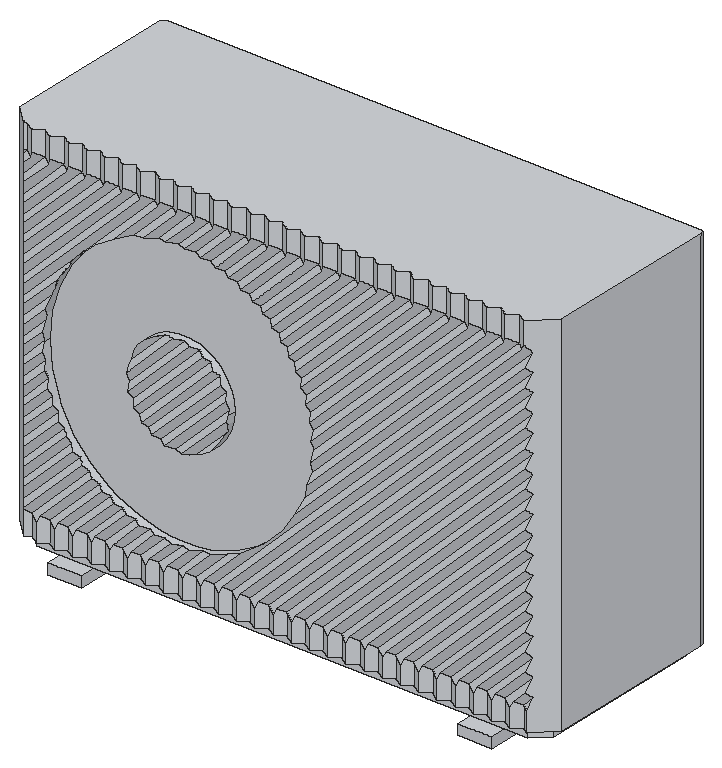
Revit family "HPR10HT", category Mechanical Equipment, Revit 2021 (continued)
Automatic sketch dimensions
  plane 1 "Center (Front/Back)" to Extrusion 49 sketch curve = 0.694 mm
  Extrusion 49 sketch curve to plane 1 "Center (Front/Back)" = 8.145 mm
  plane 8 "TOP" to Extrusion 49 sketch curve = 140.837 mm  (x2)
  Extrusion 49 sketch curve to Extrusion 49 sketch curve = 0.0 mm  (x4)
  Extrusion 49 sketch curve to Extrusion 49 sketch curve = 3.536 mm  (x5)
  plane 5 "front" to Extrusion 50 sketch curve = 82.254 mm
  Extrusion 50 sketch curve to Extrusion 50 sketch curve = 8.839 mm  (x34)
  Extrusion 50 sketch curve to Extrusion 50 sketch curve = 21.213 mm  (x6)
  Extrusion 50 sketch curve to Extrusion 50 sketch curve = 23.609 mm  (x5)
  plane 1 "Center (Front/Back)" to Extrusion 50 sketch curve = 9.533 mm
  plane 1 "Center (Front/Back)" to Extrusion 50 sketch curve = 0.694 mm
  Extrusion 50 sketch curve to plane 1 "Center (Front/Back)" = 8.145 mm
  plane 8 "TOP" to Extrusion 50 sketch curve = 200.837 mm
  Extrusion 50 sketch curve to Extrusion 50 sketch curve = 0.0 mm  (x5)
  Extrusion 50 sketch curve to Extrusion 50 sketch curve = 3.536 mm  (x5)
  plane 5 "front" to Extrusion 51 sketch curve = 82.254 mm
  Extrusion 51 sketch curve to Extrusion 51 sketch curve = 8.839 mm  (x34)
  Extrusion 51 sketch curve to Extrusion 51 sketch curve = 21.213 mm  (x6)
  Extrusion 51 sketch curve to Extrusion 51 sketch curve = 23.609 mm  (x5)
  plane 1 "Center (Front/Back)" to Extrusion 51 sketch curve = 9.533 mm
  plane 1 "Center (Front/Back)" to Extrusion 51 sketch curve = 0.694 mm
  Extrusion 51 sketch curve to plane 1 "Center (Front/Back)" = 8.145 mm
  plane 8 "TOP" to Extrusion 51 sketch curve = 260.837 mm
  Extrusion 51 sketch curve to Extrusion 51 sketch curve = 0.0 mm  (x5)
  Extrusion 51 sketch curve to Extrusion 51 sketch curve = 3.536 mm  (x5)
  plane 5 "front" to Extrusion 52 sketch curve = 82.254 mm
  Extrusion 52 sketch curve to Extrusion 52 sketch curve = 8.839 mm  (x34)
  Extrusion 52 sketch curve to Extrusion 52 sketch curve = 21.213 mm  (x6)
  Extrusion 52 sketch curve to Extrusion 52 sketch curve = 23.609 mm  (x5)
  plane 1 "Center (Front/Back)" to Extrusion 52 sketch curve = 9.533 mm
  plane 1 "Center (Front/Back)" to Extrusion 52 sketch curve = 0.694 mm
  Extrusion 52 sketch curve to plane 1 "Center (Front/Back)" = 8.145 mm
  plane 8 "TOP" to Extrusion 52 sketch curve = 320.837 mm
  Extrusion 52 sketch curve to Extrusion 52 sketch curve = 0.0 mm  (x5)
  Extrusion 52 sketch curve to Extrusion 52 sketch curve = 3.536 mm  (x5)
  plane 5 "front" to Extrusion 53 sketch curve = 82.254 mm
  Extrusion 53 sketch curve to Extrusion 53 sketch curve = 8.839 mm  (x34)
  Extrusion 53 sketch curve to Extrusion 53 sketch curve = 21.213 mm  (x6)
  Extrusion 53 sketch curve to Extrusion 53 sketch curve = 23.609 mm  (x5)
  plane 1 "Center (Front/Back)" to Extrusion 53 sketch curve = 9.533 mm
  plane 1 "Center (Front/Back)" to Extrusion 53 sketch curve = 0.694 mm
  Extrusion 53 sketch curve to plane 1 "Center (Front/Back)" = 8.145 mm
  plane 8 "TOP" to Extrusion 53 sketch curve = 380.837 mm
  Extrusion 53 sketch curve to Extrusion 53 sketch curve = 0.0 mm  (x5)
  Extrusion 53 sketch curve to Extrusion 53 sketch curve = 3.536 mm  (x5)
  plane 5 "front" to Extrusion 54 sketch curve = 82.254 mm
  Extrusion 54 sketch curve to Extrusion 54 sketch curve = 8.839 mm  (x34)
  Extrusion 54 sketch curve to Extrusion 54 sketch curve = 21.213 mm  (x6)
  Extrusion 54 sketch curve to Extrusion 54 sketch curve = 23.609 mm  (x5)
  plane 1 "Center (Front/Back)" to Extrusion 54 sketch curve = 9.533 mm
  plane 1 "Center (Front/Back)" to Extrusion 54 sketch curve = 0.694 mm
  Extrusion 54 sketch curve to plane 1 "Center (Front/Back)" = 8.145 mm
  plane 8 "TOP" to Extrusion 54 sketch curve = 440.837 mm
  Extrusion 54 sketch curve to Extrusion 54 sketch curve = 0.0 mm  (x5)
  Extrusion 54 sketch curve to Extrusion 54 sketch curve = 3.536 mm  (x5)
  plane 5 "front" to Extrusion 55 sketch curve = 82.254 mm
  Extrusion 55 sketch curve to Extrusion 55 sketch curve = 8.839 mm  (x34)
  Extrusion 55 sketch curve to Extrusion 55 sketch curve = 21.213 mm  (x6)
  Extrusion 55 sketch curve to Extrusion 55 sketch curve = 23.609 mm  (x5)
  plane 1 "Center (Front/Back)" to Extrusion 55 sketch curve = 9.533 mm
  plane 1 "Center (Front/Back)" to Extrusion 55 sketch curve = 0.694 mm
  Extrusion 55 sketch curve to plane 1 "Center (Front/Back)" = 8.145 mm
  level to Extrusion 55 sketch curve = 427.163 mm
  Extrusion 55 sketch curve to Extrusion 55 sketch curve = 0.0 mm  (x5)
  Extrusion 55 sketch curve to Extrusion 55 sketch curve = 3.536 mm  (x5)
  plane 5 "front" to Extrusion 56 sketch curve = 82.254 mm
  Extrusion 56 sketch curve to Extrusion 56 sketch curve = 8.839 mm  (x34)
  Extrusion 56 sketch curve to Extrusion 56 sketch curve = 21.213 mm  (x6)
  Extrusion 56 sketch curve to Extrusion 56 sketch curve = 23.609 mm  (x5)
  plane 1 "Center (Front/Back)" to Extrusion 56 sketch curve = 9.533 mm
  plane 1 "Center (Front/Back)" to Extrusion 56 sketch curve = 0.694 mm
  Extrusion 56 sketch curve to plane 1 "Center (Front/Back)" = 8.145 mm
  level to Extrusion 56 sketch curve = 367.163 mm
  Extrusion 56 sketch curve to Extrusion 56 sketch curve = 0.0 mm  (x5)
  Extrusion 56 sketch curve to Extrusion 56 sketch curve = 3.536 mm  (x5)
  plane 5 "front" to Extrusion 57 sketch curve = 82.254 mm
  Extrusion 57 sketch curve to Extrusion 57 sketch curve = 8.839 mm  (x34)
  Extrusion 57 sketch curve to Extrusion 57 sketch curve = 21.213 mm  (x6)
  Extrusion 57 sketch curve to Extrusion 57 sketch curve = 23.609 mm  (x5)
  plane 1 "Center (Front/Back)" to Extrusion 57 sketch curve = 9.533 mm
  plane 1 "Center (Front/Back)" to Extrusion 57 sketch curve = 0.694 mm
  Extrusion 57 sketch curve to plane 1 "Center (Front/Back)" = 8.145 mm
  level to Extrusion 57 sketch curve = 307.163 mm
  Extrusion 57 sketch curve to Extrusion 57 sketch curve = 0.0 mm  (x5)
  Extrusion 57 sketch curve to Extrusion 57 sketch curve = 3.536 mm  (x5)
  plane 5 "front" to Extrusion 58 sketch curve = 82.254 mm
  Extrusion 58 sketch curve to Extrusion 58 sketch curve = 8.839 mm  (x34)
  Extrusion 58 sketch curve to Extrusion 58 sketch curve = 21.213 mm  (x6)
  Extrusion 58 sketch curve to Extrusion 58 sketch curve = 23.609 mm  (x5)
  plane 1 "Center (Front/Back)" to Extrusion 58 sketch curve = 9.533 mm
  plane 1 "Center (Front/Back)" to Extrusion 58 sketch curve = 0.694 mm
  Extrusion 58 sketch curve to plane 1 "Center (Front/Back)" = 8.145 mm
  level to Extrusion 58 sketch curve = 247.163 mm
  Extrusion 58 sketch curve to Extrusion 58 sketch curve = 0.0 mm  (x5)
  Extrusion 58 sketch curve to Extrusion 58 sketch curve = 3.536 mm  (x5)
  plane 5 "front" to Extrusion 59 sketch curve = 82.254 mm
  Extrusion 59 sketch curve to Extrusion 59 sketch curve = 8.839 mm  (x34)
  Extrusion 59 sketch curve to Extrusion 59 sketch curve = 21.213 mm  (x6)
  Extrusion 59 sketch curve to Extrusion 59 sketch curve = 23.609 mm  (x5)
  plane 1 "Center (Front/Back)" to Extrusion 59 sketch curve = 9.533 mm
  plane 1 "Center (Front/Back)" to Extrusion 59 sketch curve = 0.694 mm
  Extrusion 59 sketch curve to plane 1 "Center (Front/Back)" = 8.145 mm
  level to Extrusion 59 sketch curve = 187.163 mm  (x2)
  Extrusion 59 sketch curve to Extrusion 59 sketch curve = 0.0 mm  (x4)
  Extrusion 59 sketch curve to Extrusion 59 sketch curve = 3.536 mm  (x5)
  plane 5 "front" to Extrusion 60 sketch curve = 82.254 mm
  Extrusion 60 sketch curve to Extrusion 60 sketch curve = 8.839 mm  (x34)
  Extrusion 60 sketch curve to Extrusion 60 sketch curve = 21.213 mm  (x6)
  Extrusion 60 sketch curve to Extrusion 60 sketch curve = 23.609 mm  (x5)
  plane 1 "Center (Front/Back)" to Extrusion 60 sketch curve = 9.533 mm
  plane 1 "Center (Front/Back)" to Extrusion 60 sketch curve = 0.694 mm
  Extrusion 60 sketch curve to plane 1 "Center (Front/Back)" = 8.145 mm
  level to Extrusion 60 sketch curve = 127.163 mm  (x2)
  Extrusion 60 sketch curve to Extrusion 60 sketch curve = 0.0 mm  (x4)
  Extrusion 60 sketch curve to Extrusion 60 sketch curve = 3.536 mm  (x5)
  plane 5 "front" to Extrusion 61 sketch curve = 82.254 mm
  Extrusion 61 sketch curve to Extrusion 61 sketch curve = 8.839 mm  (x34)
  Extrusion 61 sketch curve to Extrusion 61 sketch curve = 21.213 mm  (x6)
  Extrusion 61 sketch curve to Extrusion 61 sketch curve = 23.609 mm  (x5)
  plane 1 "Center (Front/Back)" to Extrusion 61 sketch curve = 9.533 mm
  plane 1 "Center (Front/Back)" to Extrusion 61 sketch curve = 0.694 mm
  Extrusion 61 sketch curve to plane 1 "Center (Front/Back)" = 8.145 mm
  level to Extrusion 61 sketch curve = 67.163 mm  (x3)
  Extrusion 61 sketch curve to Extrusion 61 sketch curve = 0.0 mm  (x3)
  Extrusion 61 sketch curve to Extrusion 61 sketch curve = 3.536 mm  (x5)
  Extrusion 62 sketch curve to plane 4 "BACK" = 0.0 mm
  Extrusion 62 sketch curve to plane 6 "LEFT" = 0.0 mm
  Extrusion 62 sketch curve to plane 7 = 0.0 mm
  Extrusion 62 sketch curve to plane 5 "front" = 0.0 mm  (x28)
  Extrusion 62 sketch curve to plane 4 "BACK" = 10.0 mm  (x2)
  plane 5 "front" to Extrusion 62 sketch curve = 50.0 mm  (x2)
  plane 5 "front" to Extrusion 62 sketch curve = 12.5 mm  (x28)
  Extrusion 62 sketch curve to Extrusion 62 sketch curve = 3.19 mm
  plane 6 "LEFT" to Extrusion 62 sketch curve = 40.69 mm
  Extrusion 62 sketch curve to Extrusion 62 sketch curve = 5.525 mm
  Extrusion 62 sketch curve to Extrusion 62 sketch curve = 21.651 mm  (x53)
  Extrusion 62 sketch curve to plane 3 "Center (Left/Right)" = 12.718 mm
  plane 3 "Center (Left/Right)" to Extrusion 62 sketch curve = 8.933 mm
  plane 6 "LEFT" to Extrusion 63 sketch curve = 25.0 mm
  plane 5 "front" to Extrusion 63 sketch curve = 25.0 mm
  Extrusion 63 sketch curve to Extrusion 63 sketch curve = 35.355 mm  (x3)
  Extrusion 63 sketch curve to plane 7 = 60.355 mm
  Extrusion 63 sketch curve to plane 7 = 25.0 mm
  Extrusion 63 sketch curve to plane 4 "BACK" = 25.0 mm
  plane 3 "Center (Left/Right)" to Extrusion 65 sketch curve = 121.975 mm
  Extrusion 65 sketch curve to Extrusion 65 sketch curve = 8.839 mm  (x57)
  plane 8 "TOP" to Extrusion 65 sketch curve = 46.277 mm  (x8)
  Extrusion 65 sketch curve to Extrusion 65 sketch curve = 21.213 mm  (x16)
  plane 8 "TOP" to Extrusion 65 sketch curve = 63.955 mm  (x9)
  Extrusion 65 sketch curve to Extrusion 65 sketch curve = 23.609 mm  (x10)
  Extrusion 65 sketch curve to plane 3 "Center (Left/Right)" = 3.025 mm
  Extrusion 65 sketch curve to plane 3 "Center (Left/Right)" = 11.864 mm
  Extrusion 65 sketch curve to plane 3 "Center (Left/Right)" = 24.238 mm
  plane 8 "TOP" to Extrusion 65 sketch curve = 85.168 mm  (x7)
  plane 8 "TOP" to Extrusion 65 sketch curve = 67.49 mm  (x6)
  Extrusion 65 sketch curve to Extrusion 65 sketch curve = 0.0 mm
  Extrusion 65 sketch curve to Extrusion 65 sketch curve = 3.536 mm  (x2)
  plane 3 "Center (Left/Right)" to Extrusion 66 sketch curve = 121.975 mm
  Extrusion 66 sketch curve to Extrusion 66 sketch curve = 8.839 mm  (x66)
  Extrusion 66 sketch curve to Extrusion 66 sketch curve = 21.213 mm  (x14)
  Extrusion 66 sketch curve to Extrusion 66 sketch curve = 23.609 mm  (x10)
  Extrusion 66 sketch curve to plane 3 "Center (Left/Right)" = 3.025 mm
  Extrusion 66 sketch curve to plane 3 "Center (Left/Right)" = 11.864 mm
  Extrusion 66 sketch curve to plane 3 "Center (Left/Right)" = 24.238 mm
  plane 8 "TOP" to Extrusion 66 sketch curve = 123.955 mm  (x4)
  plane 8 "TOP" to Extrusion 66 sketch curve = 145.168 mm  (x5)
  plane 8 "TOP" to Extrusion 66 sketch curve = 106.277 mm  (x3)
  plane 8 "TOP" to Extrusion 66 sketch curve = 127.49 mm  (x2)
  Extrusion 66 sketch curve to Extrusion 66 sketch curve = 0.0 mm  (x5)
  Extrusion 66 sketch curve to Extrusion 66 sketch curve = 3.536 mm  (x7)
  plane 3 "Center (Left/Right)" to Extrusion 67 sketch curve = 121.975 mm
  Extrusion 67 sketch curve to Extrusion 67 sketch curve = 8.839 mm  (x71)
  Extrusion 67 sketch curve to Extrusion 67 sketch curve = 21.213 mm  (x16)
  Extrusion 67 sketch curve to Extrusion 67 sketch curve = 23.609 mm  (x10)
  Extrusion 67 sketch curve to plane 3 "Center (Left/Right)" = 3.025 mm
  Extrusion 67 sketch curve to plane 3 "Center (Left/Right)" = 11.864 mm
  Extrusion 67 sketch curve to plane 3 "Center (Left/Right)" = 24.238 mm
  plane 8 "TOP" to Extrusion 67 sketch curve = 183.955 mm  (x2)
  plane 8 "TOP" to Extrusion 67 sketch curve = 205.168 mm  (x2)
  Extrusion 67 sketch curve to Extrusion 67 sketch curve = 0.0 mm  (x6)
  Extrusion 67 sketch curve to Extrusion 67 sketch curve = 3.536 mm  (x9)
  plane 3 "Center (Left/Right)" to Extrusion 68 sketch curve = 121.975 mm
  Extrusion 68 sketch curve to Extrusion 68 sketch curve = 8.839 mm  (x71)
  Extrusion 68 sketch curve to Extrusion 68 sketch curve = 21.213 mm  (x12)
  Extrusion 68 sketch curve to Extrusion 68 sketch curve = 23.609 mm  (x10)
  Extrusion 68 sketch curve to plane 3 "Center (Left/Right)" = 3.025 mm
  Extrusion 68 sketch curve to plane 3 "Center (Left/Right)" = 11.864 mm
  Extrusion 68 sketch curve to plane 3 "Center (Left/Right)" = 24.238 mm
  plane 8 "TOP" to Extrusion 68 sketch curve = 265.168 mm  (x3)
  Extrusion 68 sketch curve to Extrusion 68 sketch curve = 0.0 mm  (x9)
  Extrusion 68 sketch curve to Extrusion 68 sketch curve = 3.536 mm  (x11)
  plane 3 "Center (Left/Right)" to Extrusion 69 sketch curve = 121.975 mm
  Extrusion 69 sketch curve to Extrusion 69 sketch curve = 8.839 mm  (x71)
  Extrusion 69 sketch curve to Extrusion 69 sketch curve = 21.213 mm  (x12)
  Extrusion 69 sketch curve to Extrusion 69 sketch curve = 23.609 mm  (x10)
  Extrusion 69 sketch curve to plane 3 "Center (Left/Right)" = 3.025 mm
  Extrusion 69 sketch curve to plane 3 "Center (Left/Right)" = 11.864 mm
  Extrusion 69 sketch curve to plane 3 "Center (Left/Right)" = 24.238 mm
  plane 8 "TOP" to Extrusion 69 sketch curve = 325.168 mm
  Extrusion 69 sketch curve to Extrusion 69 sketch curve = 0.0 mm  (x11)
  Extrusion 69 sketch curve to Extrusion 69 sketch curve = 3.536 mm  (x11)
  plane 3 "Center (Left/Right)" to Extrusion 70 sketch curve = 121.975 mm
  Extrusion 70 sketch curve to Extrusion 70 sketch curve = 8.839 mm  (x71)
  Extrusion 70 sketch curve to Extrusion 70 sketch curve = 21.213 mm  (x12)
  Extrusion 70 sketch curve to Extrusion 70 sketch curve = 23.609 mm  (x10)
  Extrusion 70 sketch curve to plane 3 "Center (Left/Right)" = 3.025 mm
  Extrusion 70 sketch curve to plane 3 "Center (Left/Right)" = 11.864 mm
  Extrusion 70 sketch curve to plane 3 "Center (Left/Right)" = 24.238 mm
  plane 8 "TOP" to Extrusion 70 sketch curve = 385.168 mm
  Extrusion 70 sketch curve to Extrusion 70 sketch curve = 0.0 mm  (x11)
  Extrusion 70 sketch curve to Extrusion 70 sketch curve = 3.536 mm  (x11)
  plane 3 "Center (Left/Right)" to Extrusion 71 sketch curve = 121.975 mm
  Extrusion 71 sketch curve to Extrusion 71 sketch curve = 8.839 mm  (x71)
  Extrusion 71 sketch curve to Extrusion 71 sketch curve = 21.213 mm  (x12)
  Extrusion 71 sketch curve to Extrusion 71 sketch curve = 23.609 mm  (x10)
  Extrusion 71 sketch curve to plane 3 "Center (Left/Right)" = 3.025 mm
  Extrusion 71 sketch curve to plane 3 "Center (Left/Right)" = 11.864 mm
  Extrusion 71 sketch curve to plane 3 "Center (Left/Right)" = 24.238 mm
  plane 8 "TOP" to Extrusion 71 sketch curve = 445.168 mm
  Extrusion 71 sketch curve to Extrusion 71 sketch curve = 0.0 mm  (x11)
  Extrusion 71 sketch curve to Extrusion 71 sketch curve = 3.536 mm  (x11)
  plane 3 "Center (Left/Right)" to Extrusion 72 sketch curve = 121.975 mm
  Extrusion 72 sketch curve to Extrusion 72 sketch curve = 8.839 mm  (x71)
  Extrusion 72 sketch curve to Extrusion 72 sketch curve = 21.213 mm  (x12)
  Extrusion 72 sketch curve to Extrusion 72 sketch curve = 23.609 mm  (x10)
  Extrusion 72 sketch curve to plane 3 "Center (Left/Right)" = 3.025 mm
  Extrusion 72 sketch curve to plane 3 "Center (Left/Right)" = 11.864 mm
  Extrusion 72 sketch curve to plane 3 "Center (Left/Right)" = 24.238 mm
  level to Extrusion 72 sketch curve = 422.832 mm
  Extrusion 72 sketch curve to Extrusion 72 sketch curve = 0.0 mm  (x11)
  Extrusion 72 sketch curve to Extrusion 72 sketch curve = 3.536 mm  (x11)
  plane 3 "Center (Left/Right)" to Extrusion 73 sketch curve = 121.975 mm
  Extrusion 73 sketch curve to Extrusion 73 sketch curve = 8.839 mm  (x71)
  Extrusion 73 sketch curve to Extrusion 73 sketch curve = 21.213 mm  (x12)
  Extrusion 73 sketch curve to Extrusion 73 sketch curve = 23.609 mm  (x10)
  Extrusion 73 sketch curve to plane 3 "Center (Left/Right)" = 3.025 mm
  Extrusion 73 sketch curve to plane 3 "Center (Left/Right)" = 11.864 mm
  Extrusion 73 sketch curve to plane 3 "Center (Left/Right)" = 24.238 mm
  level to Extrusion 73 sketch curve = 362.832 mm
  Extrusion 73 sketch curve to Extrusion 73 sketch curve = 0.0 mm  (x11)
  Extrusion 73 sketch curve to Extrusion 73 sketch curve = 3.536 mm  (x11)
  plane 3 "Center (Left/Right)" to Extrusion 74 sketch curve = 121.975 mm
  Extrusion 74 sketch curve to Extrusion 74 sketch curve = 8.839 mm  (x71)
  Extrusion 74 sketch curve to Extrusion 74 sketch curve = 21.213 mm  (x12)
  Extrusion 74 sketch curve to Extrusion 74 sketch curve = 23.609 mm  (x10)
  Extrusion 74 sketch curve to plane 3 "Center (Left/Right)" = 3.025 mm
  Extrusion 74 sketch curve to plane 3 "Center (Left/Right)" = 11.864 mm
  Extrusion 74 sketch curve to plane 3 "Center (Left/Right)" = 24.238 mm
  level to Extrusion 74 sketch curve = 302.832 mm  (x3)
  Extrusion 74 sketch curve to Extrusion 74 sketch curve = 0.0 mm  (x9)
  Extrusion 74 sketch curve to Extrusion 74 sketch curve = 3.536 mm  (x11)
  plane 3 "Center (Left/Right)" to Extrusion 75 sketch curve = 121.975 mm
  Extrusion 75 sketch curve to Extrusion 75 sketch curve = 8.839 mm  (x71)
  Extrusion 75 sketch curve to Extrusion 75 sketch curve = 21.213 mm  (x12)
  Extrusion 75 sketch curve to Extrusion 75 sketch curve = 23.609 mm  (x10)
  Extrusion 75 sketch curve to plane 3 "Center (Left/Right)" = 3.025 mm
  Extrusion 75 sketch curve to plane 3 "Center (Left/Right)" = 11.864 mm
  Extrusion 75 sketch curve to plane 3 "Center (Left/Right)" = 24.238 mm
  level to Extrusion 75 sketch curve = 242.832 mm  (x3)
  Extrusion 75 sketch curve to Extrusion 75 sketch curve = 0.0 mm  (x9)
  Extrusion 75 sketch curve to Extrusion 75 sketch curve = 3.536 mm  (x11)
  plane 3 "Center (Left/Right)" to Extrusion 76 sketch curve = 121.975 mm
  Extrusion 76 sketch curve to Extrusion 76 sketch curve = 8.839 mm  (x71)
  Extrusion 76 sketch curve to Extrusion 76 sketch curve = 21.213 mm  (x12)
  Extrusion 76 sketch curve to Extrusion 76 sketch curve = 23.609 mm  (x10)
  Extrusion 76 sketch curve to plane 3 "Center (Left/Right)" = 3.025 mm
  Extrusion 76 sketch curve to plane 3 "Center (Left/Right)" = 11.864 mm
  Extrusion 76 sketch curve to plane 3 "Center (Left/Right)" = 24.238 mm
  level to Extrusion 76 sketch curve = 182.832 mm  (x4)
  Extrusion 76 sketch curve to Extrusion 76 sketch curve = 0.0 mm  (x8)
  Extrusion 76 sketch curve to Extrusion 76 sketch curve = 3.536 mm  (x11)
  plane 3 "Center (Left/Right)" to Extrusion 77 sketch curve = 121.975 mm
  Extrusion 77 sketch curve to Extrusion 77 sketch curve = 8.839 mm  (x70)
  Extrusion 77 sketch curve to Extrusion 77 sketch curve = 21.213 mm  (x12)
  Extrusion 77 sketch curve to Extrusion 77 sketch curve = 23.609 mm  (x10)
  Extrusion 77 sketch curve to plane 3 "Center (Left/Right)" = 3.025 mm
  Extrusion 77 sketch curve to plane 3 "Center (Left/Right)" = 11.864 mm
  Extrusion 77 sketch curve to plane 3 "Center (Left/Right)" = 24.238 mm
  level to Extrusion 77 sketch curve = 122.832 mm  (x7)
  level to Extrusion 77 sketch curve = 144.045 mm  (x4)
  level to Extrusion 77 sketch curve = 140.51 mm
  Extrusion 77 sketch curve to Extrusion 77 sketch curve = 0.0 mm  (x5)
  Extrusion 77 sketch curve to Extrusion 77 sketch curve = 3.536 mm  (x7)
  plane 3 "Center (Left/Right)" to Extrusion 78 sketch curve = 121.975 mm
  Extrusion 78 sketch curve to Extrusion 78 sketch curve = 8.839 mm  (x62)
  level to Extrusion 78 sketch curve = 62.832 mm  (x8)
  Extrusion 78 sketch curve to Extrusion 78 sketch curve = 21.213 mm  (x12)
  Extrusion 78 sketch curve to Extrusion 78 sketch curve = 23.609 mm  (x10)
  Extrusion 78 sketch curve to plane 3 "Center (Left/Right)" = 3.025 mm
  Extrusion 78 sketch curve to plane 3 "Center (Left/Right)" = 11.864 mm
  Extrusion 78 sketch curve to plane 3 "Center (Left/Right)" = 24.238 mm
  level to Extrusion 78 sketch curve = 84.045 mm  (x6)
  level to Extrusion 78 sketch curve = 80.51 mm  (x5)
  level to Extrusion 78 sketch curve = 101.723 mm  (x4)
  Extrusion 78 sketch curve to Extrusion 78 sketch curve = 0.0 mm  (x4)
  Extrusion 78 sketch curve to Extrusion 78 sketch curve = 3.536 mm  (x5)
  plane 6 "LEFT" to Extrusion 79 sketch curve = 32.967 mm
  Extrusion 79 sketch curve to plane 7 = 49.033 mm
  plane 5 "front" to Extrusion 79 sketch curve = 47.219 mm
  Extrusion 79 sketch curve to plane 4 "BACK" = 38.781 mm
  Sweep 80 sketch curve to plane 3 "Center (Left/Right)" = 0.0 mm
  Sweep 80 sketch curve to plane 10 = 0.0 mm
  Sweep 80 sketch curve to plane 9 = 0.0 mm
  Sweep 80 sketch curve to level = 0.0 mm  (x2)
  profile plane to Sweep 80 sketch curve = 527.5 mm
  Sweep 80 sketch curve to Sweep 80 sketch curve = 80.0 mm  (x2)
  level to Sweep 80 sketch curve = 25.0 mm  (x2)
  Sweep 80 sketch curve to profile plane = 447.5 mm
  Extrusion 81 sketch curve to plane 7 = 125.0 mm
  Extrusion 82 sketch curve to plane 7 = 127.657 mm
  Extrusion 82 sketch curve to Extrusion 82 sketch curve = 0.774 mm
  plane 8 "TOP" to Extrusion 82 sketch curve = 111.879 mm
  Extrusion 82 sketch curve to Extrusion 82 sketch curve = 30.309 mm
  Extrusion 64 sketch curve to Extrusion 64 sketch curve = 0.0 mm  (x2)
  Extrusion 64 sketch curve to plane 3 "Center (Left/Right)" = 234.039 mm
  plane 8 "TOP" to Extrusion 64 sketch curve = 451.94 mm
  radius of Extrusion 81 sketch curve = 12.5 mm  (x2)
  radius of Extrusion 82 sketch curve = 5.0 mm  (x2)
  radius of Extrusion 64 sketch curve = 320.0 mm
  radius of Extrusion 64 sketch curve = 120.0 mm
Connectors
  piping at (518.5, 263, 601), diameter 25, driven by "Connection Size", driven by "Water Flow Rate"
    settings: on cut or joined group 1 (Extrusion 1, Sweep 2, Sweep 3, Sweep 4, Sweep 5, Sweep 6, Sweep 7, Sweep 8, Sweep 9, Sweep 10, Sweep 11, Sweep 12, Sweep 13, Sweep 14, Sweep 15, Sweep 16, Sweep 17, Sweep 18, Sweep 19, Sweep 20, Sweep 21, Sweep 22, Sweep 23, Sweep 24, Sweep 25, Sweep 26, Sweep 27, Sweep 28, Sweep 29, Sweep 30, Sweep 31, Sweep 32, Sweep 33, Sweep 34, Sweep 35, Sweep 36, Sweep 37, Sweep 38, Sweep 39, Sweep 40, Sweep 41, Sweep 42, Sweep 43, Sweep 44, Sweep 45, Sweep 46, Sweep 47, Extrusion 48, Extrusion 49, Extrusion 50, Extrusion 51, Extrusion 52, Extrusion 53, Extrusion 54, Extrusion 55, Extrusion 56, Extrusion 57, Extrusion 58, Extrusion 59, Extrusion 60, Extrusion 61, Extrusion 62, Extrusion 64, Extrusion 65, Extrusion 66, Extrusion 67, Extrusion 68, Extrusion 69, Extrusion 70, Extrusion 71, Extrusion 72, Extrusion 73, Extrusion 74, Extrusion 75, Extrusion 76, Extrusion 77, Extrusion 78, Extrusion 81, Extrusion 82), index 1, connector inside diameter 609.6 mm, connector length 0.0 mm, flow factor 0, pipe flow 1.7 m³/h, pressure drop 0.0 Pa, fitting loss kfactor 0, connector angle 0.00°, fixture units 0, engagement length 0.0 mm, angle of deflection 0.00°, flow configuration 0, flow direction 0, fitting loss method 0, system type 8, joint type 0, gender type 0, connector reference index -1, connector utility 0, adjustable connector no, is connector primary yes, connector description ""
  piping at (518.5, 263, 363), diameter 25, driven by "Connection Size", driven by "Water Flow Rate"
    settings: on cut or joined group 1, index 2, connector inside diameter 609.6 mm, connector length 0.0 mm, flow factor 0, pipe flow 1.7 m³/h, pressure drop 0.0 Pa, fitting loss kfactor 0, connector angle 0.00°, fixture units 0, engagement length 0.0 mm, angle of deflection 0.00°, flow configuration 0, flow direction 0, fitting loss method 0, system type 7, joint type 0, gender type 0, connector reference index -1, connector utility 0, adjustable connector no, is connector primary no, connector description ""
  electrical at (515.068, 248, 846.43)
    settings: on cut or joined group 1, index 3, voltage 0 V, apparent load 0.00 kW, apparent load phase1 3.85 kW, apparent load phase2 0.00 kW, apparent load phase3 0.00 kW, power factor 1, load classification "Power", number of poles 1, system type 31, power factor state 1, is connector primary yes, connector utility no, sub classification motor no, connector description ""
  electrical at (515.843, 248, 816.121)
    settings: on cut or joined group 1, index 4, voltage 0 V, apparent load 0.00 kW, apparent load phase1 0.00 kW, apparent load phase2 0.00 kW, apparent load phase3 0.00 kW, power factor 1, load classification "Other", number of poles 1, system type 14, power factor state 1, is connector primary no, connector utility no, sub classification motor no, connector description ""
